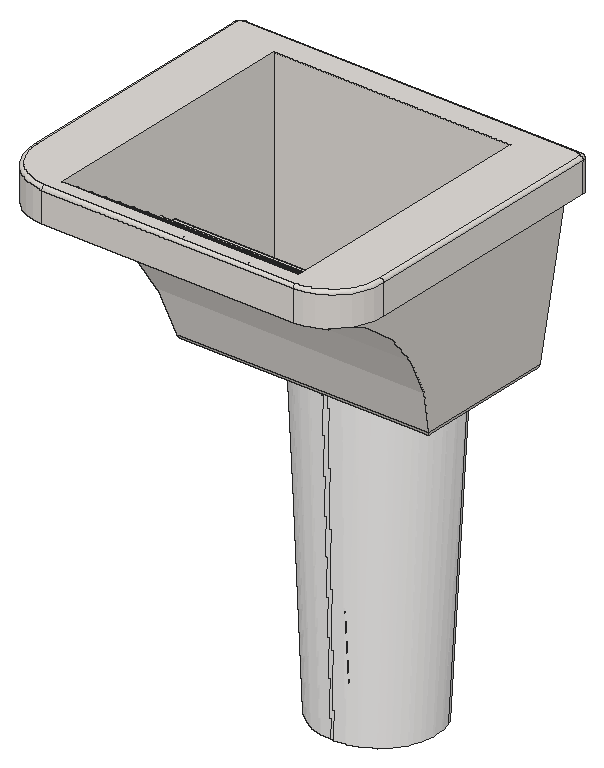
Revit family "OK-Celite_Tanque 31 Litros Médio_51265", category Plumbing Fixtures, Revit 2014
Parameters (values of type "Pergamon - 51265")
  Ângulo [instance] = if(Saida de esgoto na parede, 90.00°, 0.00°)  # 90.00°
  WFU = 2
  Type Comments = ""
  Saida de esgoto na parede [instance] = yes
  Raio Ponto de Esgoto = 20 mm
  Place on face [instance] = 1 = 0  # no
  Outros Complementos [instance] = "Sifão para tanque 1.1⁄4”x 1.1⁄2” e tubo de 200 mm (B5005C5CRB) + Válvula de escoamento para lavatório, 1\" sem ladrão com tampa plástica (B5828C5CR3), linha Complementos - Metais Celite"
  Louças [instance] = Celite - Louça_Pergamon
  Desnível Aux. Ponto de Esgoto [instance] = 50 mm
  HWFU = 0
  Diâmetro Ponto de Esgoto = Raio Ponto de Esgoto * 2  # 40 mm
  Distância Parede [instance] = 0 mm
  Tipo de Sifão [instance] = Celite_Complementos_Sifão de Uso Geral : Sifão para lavatório - B5816C5CRB
  Complemento Celite [instance] = yes
  URL = "http://www.celite.com.br"
  Selo de Qualidade ofcdesk = "Standard"  # constant formula
  Model = Celite: Código  # "51265"
  Metais [instance] = Celite - Cromado
  Manufacturer = Celite: Fabricante  # "Celite"
  Elevação somente no plano [instance] = 515 mm
  Description = Celite: Descrição  # "Tanque médio para capacidade de 31 litros, cor pergamon 51265), com coluna, linha Tanques - Louças Celite"
  Default Elevation = 0 mm
  Desenvolvido por = "ofcdesk"  # constant formula
  Com Válvula (quantificável) [instance] = yes
  Com Sifão (quantificável) [instance] = Saida de esgoto na parede  # yes
  Celite: Versão = "Autodesk Revit MEP 2014"  # constant formula
  Celite: Vazão de Esgoto [instance] = 0.0 L/s
  Celite: Tipo = "Tanques"  # constant formula
  Celite: Produto = "Louças"  # constant formula
  Celite: Norma = "ABNT NBR 15097-1: 2011 - Requisitos e métodos de ensaio"
  Celite: Link do Produto = "http://www.celite.com.br/pt/produtos/categoria/1/tipo/2/"
  Celite: Linha = "Tanques"  # constant formula
  Celite: Informações Técnicas [instance] = "N/A"
  Celite: Informações Gerais [instance] = "N/A"
  Celite: Fabricante = "Celite"  # constant formula
  Celite: Desenho Técnico = "http://www.celite.com.br/media/uploads/desenhos_tecnicos/51265_-_TANQUE_M_31_L_-_CATALOGO.pdf"
  Celite: Descrição = "Tanque médio para capacidade de 31 litros, cor pergamon 51265), com coluna, linha Tanques - Louças Celite"
  Celite: Código = "51265"
  Celite: Cores Disponíveis = "Pergamon"
  Celite: Copyright © = "© 2014 Celite"  # constant formula
  Celite: Complementos [instance] = if(Complemento Celite, Outros Complementos, "N/A")  # "Sifão para tanque 1.1⁄4”x 1.1⁄2” e tubo de 200 mm (B5005C5CRB) + Válvula de escoamento para lavatório, 1\" sem ladrão com tampa plástica (B5828C5CR3), linha Complementos - Metais Celite"
  Celite: Categoria = "Tanques"  # constant formula
  Celite: Altura da Peça [instance] = Elevação somente no plano  # 515 mm
  Celite: Altura Ponto de Esgoto [instance] = Altura Ponto de Esgoto  # 450 mm
  CWFU = 0
  Assembly Code = "D2010400"
  Desnível Ponto de Esgoto [instance] = if(not(Place on face), Elevação somente no plano - Altura Ponto de Esgoto, Desnível Aux. Ponto de Esgoto)  # 65 mm
  Altura Ponto de Esgoto [instance] = 450 mm
  Ajuste do Conector [instance] = if(Ângulo = 0.00°, Celite: Altura Ponto de Esgoto, Distância Parede + Distância Parede + 90 mm)  # 90 mm
Types (3, lengths in mm): name | Louças | Description | Celite: Descrição | Celite: Cores Disponíveis
  (no name) | Celite - Louça_Pergamon | "Tanque médio para capacidade de 31 litros, cor pergamon 51265), com coluna, linha Tanques - Louças Celite" | "Tanque médio para capacidade de 31 litros, cor pergamon 51265), com coluna, linha Tanques - Louças Celite" | "Pergamon"
  Branco - 51265 | Celite - Louça_Branca | "Tanque médio para capacidade de 31 litros, cor branca 51265), com coluna, linha Tanques - Louças Celite" | "Tanque médio para capacidade de 31 litros, cor branca 51265), com coluna, linha Tanques - Louças Celite" | "Branco"
  Pergamon - 51265 | Celite - Louça_Pergamon | "Tanque médio para capacidade de 31 litros, cor pergamon 51265), com coluna, linha Tanques - Louças Celite" | "Tanque médio para capacidade de 31 litros, cor pergamon 51265), com coluna, linha Tanques - Louças Celite" | "Pergamon"
Reference planes
  plane 1 "Center (Front/Back)": y = 0
  plane 2: z = 0
  plane 3 "Center (Left/Right)": x = 0
  plane 4: z = 515
  plane 5: y = 0
  plane 6: z = 450
  plane 7: y = -104
  plane 8: y = 0
  plane 9: z = 472.424
  plane 10: z = 464.131
  plane 11: z = 534.631
  plane 12: y = -489
  plane 13: y = -30
Forms (mm)
  Sweep 1, void
    path in 3D
      loop
        line (0, -104, 450) -> (0, -14, 450)
    profile origin (0, -59, 450) x (0, 0, 1) y (1, 0, 0)
      loop
        circle (0, 0) r 20
Lines and regions (mm)
  model lines, not visible
    curve 1: line (0, -104, 450) -> (0, -14, 450)
  sketch lines
    curve 2: line (0, -104, 450) -> (0, -14, 450)
Dimensions and locks
  "Elevação somente no plano": plane 4 to plane 2
  "Distância Parede": plane 1 "Center (Front/Back)" to plane 5
  "Desnível Ponto de Esgoto": plane 4 to plane 6
  plane 11 to plane 4 to plane 9 to plane 10 = 19.631 mm locked, 42.576 mm locked, 8.293 mm locked
  "Ajuste do Conector": curve 1 to curve 1
  plane 8 to plane 13 to plane 7 to plane 12 = 30 mm locked, 74 mm locked, 385 mm locked
  "Distância Parede": plane 5 to plane 8
  "Ângulo": angle curve 1 to plane 7
  aligned and locked: level to plane 2
  aligned and locked: nested 2 to plane 7
  aligned and locked: plane 1 "Center (Front/Back)" to nested 2
  aligned and locked: plane 6 to nested 2
  aligned and locked: plane 9 to nested 2
  aligned and locked: plane 6 to curve 1
  aligned and locked: plane 7 to curve 1
  aligned and locked: plane 7 to nested 1
  aligned and locked: nested 3 to plane 8
  aligned and locked: nested 3 to plane 3 "Center (Left/Right)"
  aligned and locked: plane 4 to nested 4
  aligned and locked: nested 4 to plane 13
Automatic sketch dimensions
  profile plane to Sweep 1 sketch curve = 0 mm
  Sweep 1 sketch curve to profile plane = 0 mm
  radius of Sweep 1 sketch curve = 20 mm
Nested families
  nested 1: "Celite_Complementos_Válvula de Escoamento" at (0, -104, 534.631), Metais <- "Metais", visible <- "Com Válvula (quantificável)", type "Válvula de escoamento para lavatório - B5828C5CR3"
    with Raio2 30 mm, Raio1 16 mm, Raio furo 15 mm, Metais Celite - Cromado, L/Rosca 58.419 mm, Comprimento 70.5 mm, Celite: Norma "ABNT NBR 15423:2006 - Requisitos e métodos de ensaio"
  nested 2: "Celite_Complementos_Sifão de Uso Geral" at (0, 0, 450), visible <- "Com Sifão (quantificável)", Metais <- "Metais", Celite: Vazão de Projeto <- "Celite: Vazão de Esgoto", type "Sifão para tanque - B5005C5CRB"
    with Raio1 16 mm, Metais Celite - Cromado, Elevação 0 mm, Celite: Vazão de Projeto 0.0 L/s, Celite: Informações Técnicas "N/A", Celite: Informações Gerais "N/A", Celite: Altura da Peça 0 mm, Ajuste Vetical no Lavatório 22.424 mm, Afastamento da Parede 104 mm
  nested 3: "51260" at (0, 0, 515) x (0, -1, 0) z (0, 0, 1), Louça <- "Louças", type "51266"
    with Louça Celite - Louça_Pergamon
  nested 4: "Celite_Coluna para Tanque_51203" at (0, -30, 0), Louças <- "Louças", type "Branco - 51203"
    with Louças Celite - Louça_Pergamon, Celite: Informações Técnicas "N/A", Celite: Informações Gerais "N/A", Celite: Complementos "N/A", Altura 515 mm
Connectors
  piping at (0, -14, 450), diameter 40, driven by "Raio Ponto de Esgoto", driven by "Celite: Vazão de Esgoto", driven by "WFU"
    settings: on Sweep 1, index 1, connector inside diameter 609.6 mm, connector length 0 mm, flow factor 0, pipe flow 0.0 L/s, pressure drop 0.0 kPa, fitting loss kfactor 0, connector angle 0.00°, fixture units 2, engagement length 0 mm, angle of deflection 0.00°, flow configuration 3, flow direction 2, fitting loss method 0, system type 16, joint type 0, gender type 0, connector reference index -1, connector utility 0, adjustable connector no, is connector primary yes, connector description ""
Definition of nested family "Celite_Complementos_Válvula de Escoamento"
  Parameters (values of type "Válvula de escoamento para lavatório - B5828C5CR3")
    Waste Connection = 1 = 0  # no
    WFU = 0  # constant formula
    Vent Connection = 1 = 0  # no
    URL = "http://www.celite.com.br"
    Selo de Qualidade ofcdesk = "Standard"  # constant formula
    Raio1 [instance] = 16 mm
    Raio2 [instance] = 30 mm
    Raio furo [instance] = 15 mm
    Model = Celite: Código  # "B5828C5CR3"
    Metais [instance] = Celite - Cromado
    Manufacturer = Celite: Fabricante  # "Celite"
    L/Rosca [instance] = 59.5 mm
    HWFU = 0  # constant formula
    HW Connection = 1 = 0  # no
    Desenvolvido por = "ofcdesk"  # constant formula
    Description = Celite: Descrição  # "Válvula de escoamento para lavatório, 1\" sem ladrão com tampa plástica (B5828C5CR3), Complementos - Metais Celite"
    Default Elevation = 0 mm
    Comprimento [instance] = 70.5 mm
    Celite: Versão = "Autodesk Revit MEP 2014"  # constant formula
    Celite: Tipo = "Válvulas de escoamento"  # constant formula
    Celite: Produto = "Metais"  # constant formula
    Celite: Norma [instance] = "ABNT NBR 15423:2006 - Requisitos e métodos de ensaio"
    Celite: Link do Produto = "http://www.celite.com.br/pt/produtos/categoria/2/tipo/10/subtipo/19/"
    Celite: Linha = "Válvulas"  # constant formula
    Celite: Informações Técnicas = "N/A"
    Celite: Informações Gerais = "N/A"
    Celite: Fabricante = "Celite"  # constant formula
    Celite: Desenho Técnico = "http://www.celite.com.br/media/uploads/desenhos_tecnicos/A5828C5CR3_Valvula_de_escoamento_Lavatorio.pdf"
    Celite: Descrição = "Válvula de escoamento para lavatório, 1\" sem ladrão com tampa plástica (B5828C5CR3), Complementos - Metais Celite"
    Celite: Código = "B5828C5CR3"
    Celite: Cores Disponíveis = "Cromado"
    Celite: Copyright © = "© 2014 Celite"  # constant formula
    Celite: Categoria = "Complementos"  # constant formula
    CW Connection = 1 = 0  # no
    Assembly Code = "D2010"
  Types (5, lengths in mm): name | Raio1 | Raio2 | Raio furo | Model | L/Rosca | Description | Comprimento | Celite: Desenho Técnico | Celite: Descrição | Celite: Código
    (no name) | 16 | 30 | 15 | "B5828C5CR3" | 59.5 | "Válvula de escoamento para lavatório, 1\" sem ladrão com tampa plástica (B5828C5CR3), Complementos - Metais Celite" | 70.5 | "http://www.celite.com.br/media/uploads/desenhos_tecnicos/A5828C5CR3_Valvula_de_escoamento_Lavatorio.pdf" | "Válvula de escoamento para lavatório, 1\" sem ladrão com tampa plástica (B5828C5CR3), Complementos - Metais Celite" | "B5828C5CR3"
    Válvula de escoamento para lavatório - B5828C5CR3 | 16 | 30 | 15 | "B5828C5CR3" | 59.5 | "Válvula de escoamento para lavatório, 1\" sem ladrão com tampa plástica (B5828C5CR3), Complementos - Metais Celite" | 70.5 | "http://www.celite.com.br/media/uploads/desenhos_tecnicos/A5828C5CR3_Valvula_de_escoamento_Lavatorio.pdf" | "Válvula de escoamento para lavatório, 1\" sem ladrão com tampa plástica (B5828C5CR3), Complementos - Metais Celite" | "B5828C5CR3"
    Válvula de escoamento para tanque - B5829C5CR3 | 20 | 32.8 | 18 | "B5829C5CR3" | 57 | "Válvula de escoamento para tanque (B5829C5CR3), Complementos - Metais Celite" | 65.5 | "http://www.celite.com.br/media/uploads/desenhos_tecnicos/A5829C5CR3_Valvula_de_escoamento_Tanque.pdf" | "Válvula de escoamento para tanque (B5829C5CR3), Complementos - Metais Celite" | "B5829C5CR3"
    Válvula de escoamento para cozinha - B5830C5CRB | 25 | 44 | 25 | "B5830C5CRB" | 35 | "Válvula de escoamento para cozinha, 3.1/2\" x 1.1/2\" com cesta metal (B5830C5CRB), Complementos - Metais Celite" | 45 | "http://www.celite.com.br/media/uploads/desenhos_tecnicos/A5830C5CRB_Valvula_de_escoamento_Cozinha_3-1.2.pdf" | "Válvula de escoamento para cozinha, 3.1/2\" x 1.1/2\" com cesta metal (B5830C5CRB), Complementos - Metais Celite" | "B5830C5CRB"
    Válvula de escoamento para cozinha - B5831C5CRB | 25 | 56.5 | 30 | "B5831C5CRB" | 35 | "Válvula de escoamento para cozinha, 4.1/2\" x 1.1/2\" com cesta metal (B5831C5CRB), Complementos - Metais Celite" | 49 | "http://www.celite.com.br/media/uploads/desenhos_tecnicos/A5831C5CRB_Valvula_de_escoamento_Cozinha_4-1.2.pdf" | "Válvula de escoamento para cozinha, 4.1/2\" x 1.1/2\" com cesta metal (B5831C5CRB), Complementos - Metais Celite" | "B5831C5CRB"
  Reference planes
    plane 1 "Center (Front/Back)": y = 0
    plane 2: z = 0
    plane 3 "Center (Left/Right)": x = 0
    plane 4: z = -70.5
    plane 5: z = -11
  Forms (mm)
    Extrusion 1, solid
      sketch origin (0, 0, 0) x (1, 0, 0) y (0, 1, 0)
        loop
          line (-400, 400) -> (-400, -400.224) -> (399.59, -400.224) -> (399.59, 400) -> (-400, 400)
      from 0 to -304.8
    Revolve 2, solid, material "Celite - Cromado" <- "Metais"
      sketch origin (0, 0, 0) x (1, 0, 0) y (0, 0, 1)
        loop
          line (0, -8.185) -> (-15, -8.185) -> (-15, 1) -> (-30, 1) -> (-30, 0) -> (-16, -11) -> (-16, -70.5) -> (0, -70.5) -> (0, -8.185)
        axis (0, 1) -> (0, -70.5)
      angle from 0 to 360
  Dimensions and locks
    "Comprimento": level to plane 4
    "L/Rosca": plane 5 to plane 4
    "Raio1": plane 3 "Center (Left/Right)" to Revolve 2 sketch curve
    "Raio2": plane 3 "Center (Left/Right)" to Revolve 2 sketch curve
    locked: plane 2 to Revolve 2 sketch curve at 8.185
    "Raio furo": plane 3 "Center (Left/Right)" to Revolve 2 sketch curve
    aligned and locked: plane 2 to Extrusion 1
    aligned and locked: level to Extrusion 1
    aligned and locked: Revolve 2 sketch curve to plane 3 "Center (Left/Right)"  (x2)
    aligned and locked: plane 5 to Revolve 2 sketch curve
    aligned and locked: plane 4 to Revolve 2 sketch curve
    aligned and locked: level to Revolve 2 sketch curve
  Automatic sketch dimensions
    Extrusion 1 sketch curve to Extrusion 1 sketch curve = 799.59 mm
    Extrusion 1 sketch curve to Extrusion 1 sketch curve = 800.224 mm
    Revolve 2 sketch curve to Revolve 2 sketch curve = 1 mm
    level to Revolve 2 sketch curve = 25 mm
    Revolve 2 sketch curve to Revolve 2 sketch curve = 60 mm
Definition of nested family "Celite_Complementos_Sifão de Uso Geral"
  Parameters (values of type "Sifão para cozinha - B5817C5CRB")
    WFU = 2
    URL = "http://www.celite.com.br"
    Selo de Qualidade ofcdesk = "Standard"  # constant formula
    Raio1 [instance] = 16 mm
    Raio Ponto de Esgoto = 20 mm
    Model = Celite: Código  # "B5817C5CRB"
    Metais [instance] = Celite - Cromado
    Manufacturer = Celite: Fabricante  # "Celite"
    Elevação [instance] = 680 mm
    Diâmetro Ponto de Esgoto = Raio Ponto de Esgoto * 2  # 40 mm
    Desenvolvido por = "ofcdesk"  # constant formula
    Description = Celite: Descrição  # "Sifão para cozinha 1.1⁄2”x 1.1⁄2” com tubo de 300 mm (B5817C5CRB), linha Complementos - Metais Celite"
    Default Elevation = 0 mm
    Celite: Versão = "Autodesk Revit MEP 2014"  # constant formula
    Celite: Vazão de Projeto [instance] = 0.0 L/s
    Celite: Tipo = "Sifões"  # constant formula
    Celite: Produto = "Metais"  # constant formula
    Celite: Norma = "ABNT NBR 14162:2011 - Requisitos e métodos de ensaio"
    Celite: Link do Produto = "http://www.celite.com.br/pt/produtos/categoria/2/tipo/10/subtipo/9/"
    Celite: Linha = "Complementos"  # constant formula
    Celite: Informações Técnicas [instance] = "N/A"
    Celite: Informações Gerais [instance] = "N/A"
    Celite: Fabricante = "Celite"  # constant formula
    Celite: Desenho Técnico = "http://www.celite.com.br/media/uploads/desenhos_tecnicos/A5817C5CRB.gif"
    Celite: Descrição = "Sifão para cozinha 1.1⁄2”x 1.1⁄2” com tubo de 300 mm (B5817C5CRB), linha Complementos - Metais Celite"
    Celite: Código = "B5817C5CRB"
    Celite: Cores Disponíveis = "Cromado"
    Celite: Copyright © = "© 2014 Celite"  # constant formula
    Celite: Categoria = "Cozinhas e Lavatórios"  # constant formula
    Celite: Altura da Peça [instance] = Elevação  # 680 mm
    Assembly Code = "D2010"
    Ajuste Vetical no Lavatório [instance] = 100 mm
    Afastamento da Parede [instance] = 300 mm
  Types (6, lengths in mm): name | Raio Ponto de Esgoto | Model | Diâmetro Ponto de Esgoto | Description | Celite: Desenho Técnico | Celite: Descrição | Celite: Código
    (no name) | 20 | "B5817C5CRB" | 40 | "Sifão para cozinha 1.1⁄2”x 1.1⁄2” com tubo de 300 mm (B5817C5CRB), linha Complementos - Metais Celite" | "http://www.celite.com.br/media/uploads/desenhos_tecnicos/A5817C5CRB.gif" | "Sifão para cozinha 1.1⁄2”x 1.1⁄2” com tubo de 300 mm (B5817C5CRB), linha Complementos - Metais Celite" | "B5817C5CRB"
    Sifão para lavatório - B5816C5CRB | 20 | "B5816C5CRB" | 40 | "Sifão para lavatório 1\"x1.1⁄2\" com tubo de 300 mm (B5816C5CRB), linha Complementos - Metais Celite" | "http://www.celite.com.br/media/uploads/desenhos_tecnicos/A5816C5CRB.gif" | "Sifão para lavatório 1\"x1.1⁄2\" com tubo de 300 mm (B5816C5CRB), linha Complementos - Metais Celite" | "B5816C5CRB"
    Sifão para tanque com adaptador para 2" - B5005C5CRB | 30 | "B5005C5CRB" | 60 | "Sifão para tanque 1.1⁄4”x 1.1⁄2” com adaptador para 2” e tubo de 200 mm (B5005C5CRB), linha Complementos - Metais Celite" | "http://www.celite.com.br/media/uploads/desenhos_tecnicos/A5005C5CRB.gif" | "Sifão para tanque 1.1⁄4”x 1.1⁄2” com adaptador para 2” e tubo de 200 mm (B5005C5CRB), linha Complementos - Metais Celite" | "B5005C5CRB"
    Sifão para tanque - B5005C5CRB | 20 | "B5005C5CRB" | 40 | "Sifão para tanque 1.1⁄4”x 1.1⁄2” e tubo de 200 mm (B5005C5CRB), linha Complementos - Metais Celite" | "http://www.celite.com.br/media/uploads/desenhos_tecnicos/A5005C5CRB.gif" | "Sifão para tanque 1.1⁄4”x 1.1⁄2” e tubo de 200 mm (B5005C5CRB), linha Complementos - Metais Celite" | "B5005C5CRB"
    Sifão para cozinha com adaptador para 2" - B5817C5CRB | 30 | "B5817C5CRB" | 60 | "Sifão para cozinha 1.1⁄2”x 1.1⁄2” com adaptador para 2” e tubo de 300 mm (B5817C5CRB), linha Complementos - Metais Celite" | "http://www.celite.com.br/media/uploads/desenhos_tecnicos/A5817C5CRB.gif" | "Sifão para cozinha 1.1⁄2”x 1.1⁄2” com adaptador para 2” e tubo de 300 mm (B5817C5CRB), linha Complementos - Metais Celite" | "B5817C5CRB"
    Sifão para cozinha - B5817C5CRB | 20 | "B5817C5CRB" | 40 | "Sifão para cozinha 1.1⁄2”x 1.1⁄2” com tubo de 300 mm (B5817C5CRB), linha Complementos - Metais Celite" | "http://www.celite.com.br/media/uploads/desenhos_tecnicos/A5817C5CRB.gif" | "Sifão para cozinha 1.1⁄2”x 1.1⁄2” com tubo de 300 mm (B5817C5CRB), linha Complementos - Metais Celite" | "B5817C5CRB"
  Reference planes
    plane 1 "Center (Front/Back)": y = 0
    plane 2: z = 0
    plane 3 "Center (Left/Right)": x = 0
    plane 4: y = -300
    plane 5: z = 780
    plane 6: z = 680
  Forms (mm)
    Sweep 1, solid, material "Celite - Cromado" <- "Metais"
      path origin (0, 1442.421, 680) x (0, 1, 0) y (-1, 0, 0)
        loop
          line (-1442.421, 0) -> (-1697.421, 0)
      profile origin (0, -127.5, 680) x (1, 0, 0) y (0, 0, 1)
        loop
          circle (0, 0) r 19.05
        loop
          circle (0, 0) r 16
    Revolve 2, solid, material "Celite - Cromado" <- "Metais"
      sketch origin (0, 0, 0) x (0, 1, 0) y (0, 0, 1)
        loop
          line (-255, 680) -> (-255, 701.589)
          arc (-255, 701.589) -> (-256.067, 704.702) -> (-258.821, 706.505) r 5.073
          arc (-258.821, 706.505) -> (-261.574, 706.108) -> (-263.24, 703.88) r 3.635
          line (-263.24, 703.88) -> (-265.857, 703.88) -> (-265.857, 680) -> (-255, 680)
        axis (-265.857, 680) -> (-255, 680)
      angle from 0 to 360
    SweptBlend 3, solid, material "Celite - Cromado" <- "Metais"
      path origin (0, 0, 0) x (0, 1, 0) y (0, 0, 1)
        loop
          line (-265.857, 680) -> (-300, 680)
      profile origin (0, -265.857, 680) x (0, 0, -1) y (1, 0, 0)
        loop
          circle (0, 0) r 22.486
      end profile origin (0, -300, 680) x (0, 0, -1) y (1, 0, 0)
        loop
          circle (0, 0) r 21.589
    Revolve 4, solid, material "Celite - Cromado" <- "Metais"
      sketch origin (0, 0, 0) x (0, 1, 0) y (0, 0, 1)
        loop
          line (-300, 704.157) -> (-274.606, 704.157) -> (-274.606, 707.127)
          arc (-274.606, 707.127) -> (-274.901, 707.84) -> (-275.614, 708.135) r 1.008
          line (-275.614, 708.135) -> (-282.5, 708.135) -> (-283.521, 709.156) -> (-300, 709.156) -> (-300, 704.157)
        axis (-300, 709.156) -> (-300, 704.157)
      angle from 0 to 360
    Sweep 5, solid, material "Celite - Cromado" <- "Metais"
      path origin (0, 0, 0) x (0, 1, 0) y (0, 0, 1)
        loop
          line (-300, 709.156) -> (-300, 715.122)
      profile origin (0, -300, 712.139) x (0, -1, 0) y (1, 0, 0)
        loop
          circle (0, 0) r 16.479
    Sweep 6, solid, material "Celite - Cromado" <- "Metais"
      path origin (0, 0, 0) x (0, 1, 0) y (0, 0, 1)
        loop
          line (-300, 715.122) -> (-300, 769.613)
      profile origin (0, -300, 742.368) x (0, -1, 0) y (1, 0, 0)
        loop
          circle (0, 0) r 13
    Revolve 7, solid, material "Celite - Cromado" <- "Metais"
      sketch origin (0, 0, 0) x (0, 1, 0) y (0, 0, 1)
        loop
          line (0, 699.07) -> (0, 714.571)
          arc (0, 714.571) -> (-7.459, 714.035) -> (-14.888, 713.172) r 170.27
          arc (-14.888, 713.172) -> (-16.254, 712.452) -> (-16.959, 711.077) r 2.565
          line (-16.959, 711.077) -> (-16.959, 699.07) -> (0, 699.07)
        axis (-16.959, 680) -> (0, 680)
      angle from 0 to 360
    Sweep 8, void
      path origin (0, 1442.421, 680) x (0, 1, 0) y (-1, 0, 0)
        loop
          line (-1440.976, 0) -> (-1456.552, 0)
      profile origin (0, -6.343, 680) x (1, 0, 0) y (0, 0, 1)
        loop
          circle (0, 0) r 30
    Revolve 9, solid, material "Celite - Cromado" <- "Metais"
      sketch origin (0, 0, 0) x (0, 1, 0) y (0, 0, 1)
        loop
          line (-300, 771.707) -> (-300, 769.613) -> (-281.111, 769.613) -> (-281.111, 780) -> (-284, 780) -> (-284, 771.707) -> (-300, 771.707)
        axis (-300, 780) -> (-300, 769.613)
      angle from 0 to 360
    Revolve 10, solid, material "Celite - Cromado" <- "Metais"
      sketch origin (0, 0, 0) x (0, 1, 0) y (0, 0, 1)
        loop
          line (-300, 704.157) -> (-325.394, 704.157) -> (-334.85, 649.952)
          arc (-334.85, 649.952) -> (-333.712, 646.324) -> (-330.244, 644.765) r 4.638
          line (-330.244, 644.765) -> (-328.223, 644.765) -> (-328.223, 621.563)
          arc (-328.223, 621.563) -> (-326.054, 616.326) -> (-320.818, 614.157) r 7.405
          line (-320.818, 614.157) -> (-300, 614.157) -> (-300, 704.157)
        axis (-300, 704.157) -> (-300, 614.157)
      angle from 0 to 360
  Cuts and joins
    Sweep 8 cuts Sweep 1
    joined: Sweep 1, Revolve 2, SweptBlend 3, Revolve 4, Sweep 5, Sweep 6, Revolve 9, Revolve 10
    Sweep 8 cuts Revolve 7
  Dimensions and locks
    "Ajuste Vetical no Lavatório": plane 5 to plane 6
    "Elevação": plane 6 to level
    locked: Sweep 1 sketch curve to plane 4 at 45
    Sweep 8 sketch curve to Sweep 8 sketch curve = 15.576 mm
    Revolve 7 sketch curve to Revolve 7 sketch curve to Revolve 7 sketch curve = 14.888 mm locked, 2.071 mm locked
    locked: Revolve 9 sketch curve to Revolve 9 sketch curve at 2.889
    "Raio1": Revolve 9 sketch curve to plane 4
    plane 5 to Revolve 9 sketch curve to Revolve 9 sketch curve = 8.293 mm locked, 2.093 mm locked
    Revolve 7 sketch curve to Revolve 7 sketch curve to Revolve 7 sketch curve to Revolve 7 sketch curve to plane 6 = 1.399 mm locked, 2.095 mm locked, 12.007 mm locked, 19.07 mm locked
    "Afastamento da Parede": plane 1 "Center (Front/Back)" to plane 4
    radius of Sweep 1 sketch curve = 16 mm
    radius of Revolve 7 sketch curve = 2.565 mm
    aligned and locked: level to plane 2
    aligned and locked: plane 6 to Revolve 2 sketch curve
    aligned and locked: Revolve 2 sketch curve to plane 6
    aligned and locked: SweptBlend 3 sketch curve to plane 6
    aligned and locked: Revolve 4 sketch curve to plane 4
    aligned and locked: Sweep 5 sketch curve to plane 4
    aligned and locked: Revolve 4 to Sweep 5 sketch curve
    aligned and locked: Sweep 5 sketch curve to Revolve 4  (x2)
    aligned and locked: Sweep 5 to Sweep 6 sketch curve
    aligned and locked: Sweep 6 sketch curve to plane 4
    aligned and locked: Revolve 9 sketch curve to plane 4
    aligned and locked: plane 4 to Revolve 9 sketch curve
    aligned and locked: plane 4 to Revolve 10 sketch curve
    aligned and locked: Revolve 10 sketch curve to plane 4
    aligned and locked: plane 4 to SweptBlend 3 sketch curve
    aligned and locked: cut or joined group of Sweep 1, Revolve 2, SweptBlend 3, Revolve 4, Sweep 5, Sweep 6, Sweep 8, Revolve 9, Revolve 10 to SweptBlend 3 sketch curve
    aligned and locked: plane 6 to Sweep 8 sketch curve
    aligned and locked: plane 3 "Center (Left/Right)" to Sweep 8 sketch curve
  Automatic sketch dimensions
    Sweep 1 sketch curve to plane 3 "Center (Left/Right)" = 0 mm
    Revolve 4 sketch curve to plane 4 = 0 mm
    plane 4 to Revolve 4 sketch curve = 16.479 mm
    Revolve 4 sketch curve to Revolve 4 sketch curve = 1.021 mm  (x2)
    Revolve 4 sketch curve to Revolve 4 sketch curve = 6.886 mm
    Revolve 4 sketch curve to Revolve 4 sketch curve = 1.008 mm
    plane 6 to Revolve 4 sketch curve = 22.296 mm
    Revolve 4 sketch curve to Revolve 4 sketch curve = 1.862 mm
    Revolve 4 sketch curve to Revolve 4 sketch curve = 0 mm
    Revolve 4 sketch curve to Revolve 4 sketch curve = 2.97 mm
    Sweep 6 sketch curve to plane 3 "Center (Left/Right)" = 0 mm
    Sweep 6 sketch curve to profile plane = 0 mm
    SweptBlend 3 sketch curve to plane 3 "Center (Left/Right)" = 0 mm  (x2)
    SweptBlend 3 sketch curve to profile plane = 0 mm  (x2)
    Sweep 1 sketch curve to Sweep 1 sketch curve = 0 mm  (x2)
    Sweep 1 sketch curve to plane 6 = 0 mm
    profile plane to Sweep 1 sketch curve = 0 mm
    Sweep 6 sketch curve to plane 5 = 10.387 mm
    Revolve 7 sketch curve to plane 1 "Center (Front/Back)" = 0 mm  (x2)
    Revolve 7 sketch curve to plane 6 = 0 mm
    Revolve 7 sketch curve to plane 1 "Center (Front/Back)" = 5 mm
    Sweep 5 sketch curve to Sweep 5 sketch curve = 5.967 mm
    Revolve 10 sketch curve to Revolve 10 sketch curve = 20.818 mm
    Revolve 10 sketch curve to Revolve 10 sketch curve = 25.394 mm
    Revolve 10 sketch curve to Revolve 10 sketch curve = 7.405 mm
    Revolve 10 sketch curve to Revolve 10 sketch curve = 2.021 mm
    Revolve 10 sketch curve to Revolve 10 sketch curve = 4.606 mm
    Revolve 10 sketch curve to plane 6 = 95.843 mm
    Revolve 10 sketch curve to Revolve 10 sketch curve = 20 mm
    Revolve 10 sketch curve to Revolve 10 sketch curve = 10 mm
    Revolve 10 sketch curve to Revolve 10 sketch curve = 23.202 mm
    Revolve 10 sketch curve to Revolve 10 sketch curve = 4.638 mm
    plane 6 to Revolve 10 sketch curve = 24.157 mm
    SweptBlend 3 sketch curve to SweptBlend 3 sketch curve = 0 mm  (x2)
    SweptBlend 3 sketch curve to SweptBlend 3 sketch curve = 22.486 mm
    plane 4 to Revolve 2 sketch curve = 34.143 mm
    Revolve 2 sketch curve to Revolve 2 sketch curve = 2.616 mm
    Revolve 2 sketch curve to Revolve 2 sketch curve = 3.167 mm
    Revolve 2 sketch curve to Revolve 2 sketch curve = 0.355 mm
    Revolve 2 sketch curve to Revolve 2 sketch curve = 0.897 mm
    Revolve 2 sketch curve to Revolve 2 sketch curve = 0 mm  (x2)
    Revolve 2 sketch curve to Revolve 2 sketch curve = 4.718 mm
    Revolve 2 sketch curve to Revolve 2 sketch curve = 5 mm
    plane 6 to Revolve 2 sketch curve = 21.589 mm
    Sweep 8 sketch curve to plane 3 "Center (Left/Right)" = 0 mm
    Revolve 7 sketch curve to plane 1 "Center (Front/Back)" = 8.47 mm
    plane 1 "Center (Front/Back)" to Sweep 1 sketch curve = 0 mm
    Revolve 9 sketch curve to plane 5 = 0 mm
    Revolve 9 sketch curve to plane 5 = 3.821 mm
    plane 5 to Revolve 9 sketch curve = 8.366 mm
    radius of Sweep 6 sketch curve = 13 mm
    radius of SweptBlend 3 sketch curve = 21.589 mm
    radius of Sweep 1 sketch curve = 19.05 mm
    radius of Sweep 8 sketch curve = 30 mm
  Connectors
    piping at (0, 0, 680), diameter 40, driven by "WFU", driven by "Raio Ponto de Esgoto", driven by "Celite: Vazão de Projeto"
      settings: on Sweep 1, index 1, connector inside diameter 40 mm, connector length 0 mm, flow factor 0, pipe flow 0.0 L/s, pressure drop 0.0 kPa, fitting loss kfactor 0, connector angle 0.00°, fixture units 2, engagement length 0 mm, angle of deflection 0.00°, flow configuration 3, flow direction 2, fitting loss method 0, system type 16, joint type 0, gender type 0, connector reference index -1, connector utility 0, adjustable connector no, is connector primary yes, connector description ""
Definition of nested family "51260"
  Parameters (values of type "51266")
    URL = "http://www.celite.com.br/pt/"
    Model = "51261"
    Manufacturer = "Celite ®"  # constant formula
    Louça [instance] = Celite - Louça_Branca
    Description = "Tanque Celite Tamanho G com Capacidade 38L"
  Reference planes
    plane 1 "Center (Front/Back)": y = 0
    plane 2: z = 0
    plane 3 "Center (Left/Right)": x = 0
    plane 4 "A": x = 485
    plane 5 "C": z = 0
    plane 6 "D": z = 330
    plane 7 "B b": y = 272.5
    plane 8 "B f": y = -272.5
    plane 9: x = 104
  Forms (mm)
    Extrusion 1, solid, material "Celite - Louça_Branca" <- "Louça"
      sketch origin (0, 0, 0) x (1, 0, 0) y (0, 0, 1)
        loop
          line (0, 330) -> (0, 10)
          arc (0, 10) -> (2.929, 2.929) -> (10, 0) r 10
          line (10, 0) -> (44.514, 0)
          arc (44.514, 0) -> (50.282, 1.831) -> (53.938, 6.654) r 10
          line (53.938, 6.654) -> (127.697, 214.362)
          arc (127.697, 214.362) -> (144.182, 237.129) -> (170.345, 247.404) r 50
          line (170.345, 247.404) -> (485, 278.718) -> (485, 330) -> (0, 330)
      from -272.5 to 272.5
    Extrusion 2, solid, material "Celite - Louça_Branca" <- "Louça"
      sketch origin (0, 0, 0) x (1, 0, 0) y (0, 0, 1)
        loop
          line (44.514, 0) -> (205.755, 0)
          arc (205.755, 0) -> (211.959, 2.154) -> (215.493, 7.69) r 10.01
          arc (215.493, 7.69) -> (300.894, 171.83) -> (453.655, 276.231) r 380.245
          line (453.655, 276.231) -> (170.345, 247.404)
          arc (170.345, 247.404) -> (144.182, 237.129) -> (127.697, 214.362) r 50
          line (127.697, 214.362) -> (53.938, 6.654)
          arc (53.938, 6.654) -> (50.282, 1.831) -> (44.514, 0) r 10
      from -245 to 245
    Extrusion 3, void
      sketch origin (0, 0, 0) x (0, 1, 0) y (0, 0, 1)
        loop
          line (-196.7, 8.44) -> (-239.31, 278.718) -> (-383.636, 278.718) -> (-383.636, -90.839) -> (-163.636, -90.839) -> (-163.636, 0) -> (-186.822, 0)
          arc (-186.822, 0) -> (-193.318, 2.397) -> (-196.7, 8.44) r 10
        loop
          arc (196.7, 8.44) -> (193.318, 2.397) -> (186.822, 0) r 10
          line (186.822, 0) -> (163.636, 0) -> (163.636, -90.839) -> (391.364, -90.839) -> (391.364, 278.718) -> (239.31, 278.718) -> (196.7, 8.44)
      from -100 to 600
    Extrusion 4, void
      sketch origin (0, 0, 0) x (1, 0, 0) y (0, 0, 1)
        loop
          line (40.22, 19.631) -> (184.545, 19.631) -> (232.127, 178.9)
          arc (232.127, 178.9) -> (233.925, 181.507) -> (236.929, 182.509) r 5
          line (236.929, 182.509) -> (250.046, 182.509)
          arc (250.046, 182.509) -> (252.503, 183.155) -> (254.326, 184.924) r 5
          line (254.326, 184.924) -> (261.17, 196.255)
          arc (261.17, 196.255) -> (262.768, 197.891) -> (264.927, 198.643) r 5
          line (264.927, 198.643) -> (279.236, 200.147)
          arc (279.236, 200.147) -> (281.613, 201.046) -> (283.241, 202.996) r 5
          line (283.241, 202.996) -> (288.72, 214.677)
          arc (288.72, 214.677) -> (290.348, 216.627) -> (292.724, 217.526) r 5
          line (292.724, 217.526) -> (306.7, 218.994)
          arc (306.7, 218.994) -> (309.076, 219.893) -> (310.704, 221.843) r 5
          line (310.704, 221.843) -> (316.184, 233.524)
          arc (316.184, 233.524) -> (317.812, 235.475) -> (320.188, 236.373) r 5
          line (320.188, 236.373) -> (334.164, 237.842)
          arc (334.164, 237.842) -> (336.54, 238.741) -> (338.168, 240.691) r 5
          line (338.168, 240.691) -> (343.647, 252.372)
          arc (343.647, 252.372) -> (345.275, 254.322) -> (347.651, 255.221) r 5
          line (347.651, 255.221) -> (361.627, 256.69)
          arc (361.627, 256.69) -> (364.003, 257.588) -> (365.631, 259.539) r 5
          line (365.631, 259.539) -> (371.111, 271.219)
          arc (371.111, 271.219) -> (372.739, 273.17) -> (375.115, 274.068) r 5
          line (375.115, 274.068) -> (389.091, 275.537)
          arc (389.091, 275.537) -> (391.467, 276.436) -> (393.095, 278.386) r 5
          line (393.095, 278.386) -> (398.574, 290.067)
          arc (398.574, 290.067) -> (400.202, 292.017) -> (402.579, 292.916) r 5
          line (402.579, 292.916) -> (416.554, 294.385)
          arc (416.554, 294.385) -> (418.93, 295.283) -> (420.558, 297.234) r 5
          line (420.558, 297.234) -> (426.038, 308.914)
          arc (426.038, 308.914) -> (427.666, 310.865) -> (430.042, 311.763) r 5
          line (430.042, 311.763) -> (444.018, 313.232)
          arc (444.018, 313.232) -> (446.394, 314.131) -> (448.022, 316.081) r 5
          line (448.022, 316.081) -> (495.484, 417.254) -> (40.22, 417.254) -> (40.22, 19.631)
      from -185 to 185
    Sweep 5, void
      path origin (0, 0, 330) x (0, -1, 0) y (1, 0, 0)
        loop
          arc (-272.5, 10) -> (-269.571, 2.929) -> (-262.5, 0) r 10
          line (-262.5, 0) -> (262.5, 0)
          arc (262.5, 0) -> (269.571, 2.929) -> (272.5, 10) r 10
          line (272.5, 10) -> (272.5, 399.097)
          arc (272.5, 399.097) -> (250.35, 454.355) -> (196.165, 479.013) r 80
          arc (196.165, 479.013) -> (0, 483.509) -> (-196.165, 479.013) r 4282.217
          arc (-196.165, 479.013) -> (-250.35, 454.355) -> (-272.5, 399.097) r 80
          line (-272.5, 399.097) -> (-272.5, 10)
      profile origin (0, 0, 330) x (1, 0, 0) y (0, 0, 1)
        loop
          line (-114.837, 128.083) -> (-114.837, -431.917) -> (0, -431.917) -> (0, -5)
          arc (0, -5) -> (1.464, -1.464) -> (5, 0) r 5
          line (5, 0) -> (7, 0) -> (7, 128.083) -> (-114.837, 128.083)
    Extrusion 6, void
      sketch origin (-45, 0, 0) x (0, -1, 0) y (1, 0, 0)
        loop
          circle (0, 149) r 25
      from -10 to 100
  Cuts and joins
    Extrusion 3, Extrusion 4, Sweep 5, Extrusion 6 cuts Extrusion 1
    Extrusion 3, Extrusion 4, Extrusion 6 cuts Extrusion 2
    joined: Extrusion 1, Extrusion 2
  Dimensions and locks
    equal spacing: plane 8 "B f", plane 1 "Center (Front/Back)", plane 7 "B b"
    plane 8 "B f" to plane 7 "B b" = 545 mm
    plane 3 "Center (Left/Right)" to plane 4 "A" = 485 mm
    level to plane 6 "D" = 330 mm
    locked: plane 5 "C" to plane 6 "D" at 330
    plane 6 "D" to Extrusion 1 sketch curve to Extrusion 1 sketch curve = 51.282 mm locked, 31.314 mm locked
    locked: plane 6 "D" to Extrusion 1 sketch curve at 115.638
    Extrusion 1 sketch curve to Extrusion 1 sketch curve to plane 3 "Center (Left/Right)" = 42.648 mm locked, 127.697 mm locked
    Extrusion 1 sketch curve to Extrusion 1 sketch curve to plane 5 "C" = 3.346 mm, 6.654 mm
    locked: Extrusion 1 sketch curve to plane 3 "Center (Left/Right)" at 10
    Extrusion 1 sketch curve to plane 3 "Center (Left/Right)" = 44.514 mm
    locked: Extrusion 1 sketch curve to plane 3 "Center (Left/Right)" at 53.938
    Extrusion 2 sketch curve to plane 3 "Center (Left/Right)" = 44.514 mm
    locked: plane 4 "A" to Extrusion 2 sketch curve at 279.245
    Extrusion 2 sketch curve to Extrusion 2 sketch curve to Extrusion 2 sketch curve to plane 3 "Center (Left/Right)" = 42.648 mm locked, 73.76 mm locked, 53.938 mm locked
    locked: plane 4 "A" to Extrusion 2 sketch curve at 31.345
    locked: Extrusion 2 sketch curve to plane 5 "C" at 6.654
    plane 6 "D" to Extrusion 2 sketch curve to Extrusion 2 sketch curve = 82.596 mm locked, 33.043 mm locked
    locked: plane 6 "D" to Extrusion 2 sketch curve at 53.769
    locked: plane 8 "B f" to Extrusion 2 at 27.5
    locked: Extrusion 2 to plane 7 "B b" at 27.5
    locked: Extrusion 4 sketch curve to plane 5 "C" at 19.631
    locked: Extrusion 4 sketch curve to plane 6 "D" at 87.254
    locked: Extrusion 4 sketch curve to plane 3 "Center (Left/Right)" at 40.22
    plane 6 "D" to Extrusion 4 sketch curve to Extrusion 4 sketch curve to Extrusion 4 sketch curve to Extrusion 4 sketch curve to Extrusion 4 sketch curve to Extrusion 4 sketch curve to Extrusion 4 sketch curve to Extrusion 4 sketch curve to Extrusion 4 sketch curve to Extrusion 4 sketch curve to Extrusion 4 sketch curve to Extrusion 4 sketch curve to Extrusion 4 sketch curve to Extrusion 4 sketch curve to Extrusion 4 sketch curve to Extrusion 4 sketch curve = 13.919 mm, 4.318 mm, 14.53 mm, 4.318 mm, 14.53 mm, 4.318 mm, 14.53 mm, 4.318 mm, 14.53 mm, 4.318 mm, 14.53 mm, 4.318 mm, 14.53 mm, 4.353 mm, 13.719 mm, 2.415 mm
    Extrusion 4 sketch curve to plane 4 "A" to Extrusion 4 sketch curve to Extrusion 4 sketch curve to Extrusion 4 sketch curve to Extrusion 4 sketch curve to Extrusion 4 sketch curve to Extrusion 4 sketch curve to Extrusion 4 sketch curve to Extrusion 4 sketch curve to Extrusion 4 sketch curve to Extrusion 4 sketch curve to Extrusion 4 sketch curve to Extrusion 4 sketch curve to Extrusion 4 sketch curve to Extrusion 4 sketch curve to Extrusion 4 sketch curve to Extrusion 4 sketch curve = 10.484 mm, 36.978 mm, 17.98 mm, 9.484 mm, 17.98 mm, 9.484 mm, 17.98 mm, 9.484 mm, 17.98 mm, 9.484 mm, 17.98 mm, 9.484 mm, 17.98 mm, 9.484 mm, 18.313 mm, 10.601 mm, 17.397 mm
    locked: plane 8 "B f" to Extrusion 4 at 87.5
    locked: Extrusion 4 to plane 7 "B b" at 87.5
    locked: plane 4 "A" to Extrusion 4 sketch curve at 300.455
    radius of Extrusion 1 sketch curve = 50 mm
    radius of Extrusion 1 sketch curve = 10 mm
    radius of Extrusion 2 sketch curve = 10 mm
    radius of Extrusion 2 sketch curve = 50 mm
    aligned and locked: plane 2 to level
    aligned and locked: plane 8 "B f" to Extrusion 1
    aligned and locked: plane 7 "B b" to Extrusion 1
    aligned and locked: Extrusion 1 sketch curve to plane 4 "A"
    aligned and locked: Extrusion 1 sketch curve to plane 6 "D"
    aligned and locked: Extrusion 1 sketch curve to plane 5 "C"
    aligned and locked: Extrusion 1 sketch curve to plane 3 "Center (Left/Right)"
    aligned and locked: Extrusion 3 sketch curve to plane 5 "C"
    aligned and locked: plane 5 "C" to Extrusion 3 sketch curve
    aligned and locked: Extrusion 1 to Sweep 5 sketch curve
    aligned and locked: plane 3 "Center (Left/Right)" to Sweep 5 sketch curve
    aligned and locked: Sweep 5 sketch curve to plane 8 "B f"
  Automatic sketch dimensions
    Sweep 5 sketch curve to plane 7 "B b" = 10 mm
    plane 3 "Center (Left/Right)" to Sweep 5 sketch curve = 10 mm
    Sweep 5 sketch curve to plane 1 "Center (Front/Back)" = 0 mm
    Sweep 5 sketch curve to plane 4 "A" = 5.987 mm  (x2)
    Sweep 5 sketch curve to plane 7 "B b" = 76.335 mm
    Sweep 5 sketch curve to Sweep 5 sketch curve = 0 mm
    Sweep 5 sketch curve to plane 7 "B b" = 80 mm
    Sweep 5 sketch curve to Sweep 5 sketch curve = 3.665 mm
    Sweep 5 sketch curve to plane 6 "D" = 0 mm
    profile plane to Sweep 5 sketch curve = 114.837 mm
    plane 6 "D" to Sweep 5 sketch curve = 431.917 mm
    profile plane to Sweep 5 sketch curve = 0 mm
    Sweep 5 sketch curve to profile plane = 5 mm
    Sweep 5 sketch curve to profile plane = 7 mm
    Sweep 5 sketch curve to plane 6 "D" = 128.083 mm
    Extrusion 4 sketch curve to Extrusion 4 sketch curve = 4.803 mm
    Extrusion 4 sketch curve to Extrusion 4 sketch curve = 4.28 mm
    plane 6 "D" to Extrusion 4 sketch curve = 133.745 mm
    Extrusion 4 sketch curve to Extrusion 4 sketch curve = 3.757 mm
    plane 6 "D" to Extrusion 4 sketch curve = 129.853 mm
    Extrusion 4 sketch curve to Extrusion 4 sketch curve = 4.004 mm  (x13)
    plane 6 "D" to Extrusion 4 sketch curve = 115.323 mm
    plane 6 "D" to Extrusion 4 sketch curve = 111.006 mm
    plane 6 "D" to Extrusion 4 sketch curve = 96.476 mm
    plane 6 "D" to Extrusion 4 sketch curve = 92.158 mm
    plane 6 "D" to Extrusion 4 sketch curve = 77.628 mm
    plane 6 "D" to Extrusion 4 sketch curve = 73.31 mm
    plane 6 "D" to Extrusion 4 sketch curve = 58.781 mm
    plane 6 "D" to Extrusion 4 sketch curve = 54.463 mm
    plane 6 "D" to Extrusion 4 sketch curve = 39.933 mm
    plane 6 "D" to Extrusion 4 sketch curve = 35.615 mm
    plane 6 "D" to Extrusion 4 sketch curve = 21.086 mm
    plane 6 "D" to Extrusion 4 sketch curve = 16.768 mm
    Extrusion 4 sketch curve to Extrusion 4 sketch curve = 0.523 mm  (x7)
    Extrusion 4 sketch curve to Extrusion 4 sketch curve = 4.527 mm  (x7)
    Extrusion 4 sketch curve to Extrusion 4 sketch curve = 5 mm
    plane 1 "Center (Front/Back)" to Extrusion 6 sketch curve = 0 mm
    plane 3 "Center (Left/Right)" to Extrusion 6 sketch curve = 104 mm
    plane 4 "A" to Extrusion 2 sketch curve = 100.376 mm
    plane 5 "C" to Extrusion 2 sketch curve = 80.47 mm
    Extrusion 2 sketch curve to Extrusion 2 sketch curve = 10.01 mm
    Extrusion 3 sketch curve to Extrusion 3 sketch curve = 23.186 mm  (x2)
    Extrusion 3 sketch curve to plane 8 "B f" = 33.19 mm
    plane 8 "B f" to Extrusion 3 sketch curve = 111.136 mm
    Extrusion 3 sketch curve to plane 7 "B b" = 33.19 mm
    plane 7 "B b" to Extrusion 3 sketch curve = 118.864 mm
    Extrusion 3 sketch curve to Extrusion 3 sketch curve = 90.839 mm  (x2)
    Extrusion 3 sketch curve to plane 5 "C" = 8.44 mm  (x2)
    plane 6 "D" to Extrusion 3 sketch curve = 51.282 mm  (x2)
    Extrusion 3 sketch curve to plane 8 "B f" = 75.8 mm
    Extrusion 3 sketch curve to Extrusion 3 sketch curve = 9.878 mm  (x2)
    Extrusion 3 sketch curve to plane 7 "B b" = 108.864 mm
    radius of Extrusion 6 sketch curve = 25 mm
Definition of nested family "Celite_Coluna para Tanque_51203"
  Parameters (values of type "Branco - 51203")
    WFU = 2
    Type Comments = ""
    Louças [instance] = Celite - Louça_Branca
    HWFU = 0
    URL = "http://www.celite.com.br"
    Selo de Qualidade ofcdesk = "Standard"  # constant formula
    Model = Celite: Código  # "51203"
    Manufacturer = Celite: Fabricante  # "Celite"
    Description = Celite: Descrição  # "Coluna para tanque cor branca (51203), linha Tanques - Louças Celite"
    Default Elevation = 0 mm
    Desenvolvido por = "ofcdesk"  # constant formula
    Celite: Versão = "Autodesk Revit MEP 2014"  # constant formula
    Celite: Tipo = "Colunas para tanques"  # constant formula
    Celite: Produto = "Louças"  # constant formula
    Celite: Norma = "ABNT NBR 15097-1: 2011 - Requisitos e métodos de ensaio"
    Celite: Link do Produto = "http://www.celite.com.br/pt/produtos/categoria/1/tipo/2/"
    Celite: Linha = "Tanques"  # constant formula
    Celite: Informações Técnicas [instance] = "N/A"
    Celite: Informações Gerais [instance] = "N/A"
    Celite: Fabricante = "Celite"  # constant formula
    Celite: Desenho Técnico = "http://www.celite.com.br/media/uploads/desenhos_tecnicos/51265_-_TANQUE_M_31_L_-_CATALOGO.pdf"
    Celite: Descrição = "Coluna para tanque cor branca (51203), linha Tanques - Louças Celite"
    Celite: Código = "51203"
    Celite: Cores Disponíveis = "Branco"
    Celite: Copyright © = "© 2014 Celite"  # constant formula
    Celite: Complementos [instance] = "N/A"
    Celite: Categoria = "Tanques"  # constant formula
    CWFU = 0
    Assembly Code = "D2010400"
    Altura [instance] = 515 mm
  Types (3, lengths in mm): name | Louças | Description | Celite: Descrição | Celite: Cores Disponíveis
    (no name) | Celite - Louça_Branca | "Coluna para tanque cor branca (51203), linha Tanques - Louças Celite" | "Coluna para tanque cor branca (51203), linha Tanques - Louças Celite" | "Branco"
    Branco - 51203 | Celite - Louça_Branca | "Coluna para tanque cor branca (51203), linha Tanques - Louças Celite" | "Coluna para tanque cor branca (51203), linha Tanques - Louças Celite" | "Branco"
    Pergamon - 51203 | Celite - Louça_Pergamon | "Coluna para tanque cor pergamon (51203), linha Tanques - Louças Celite" | "Coluna para tanque cor pergamon (51203), linha Tanques - Louças Celite" | "Pergamon"
  Reference planes
    plane 1 "Center (Front/Back)": y = 0
    plane 2: z = 0
    plane 3 "Center (Left/Right)": x = 0
    plane 4: z = 515
  Dimensions and locks
    "Altura": plane 4 to plane 2
    aligned and locked: level to plane 2
  Nested families
    nested 1: "51203" at (0, 81.088, 0), Altura <- "Altura", type "51203"
      with Outros Complementos "", Louças Celite - Louça_Branca, Celite: Informações Técnicas "", Celite: Informações Gerais "", Celite: Complementos "", Altura 515 mm
  Definition of nested family "51203"
    Parameters (values of type "51203")
      WFU = 0
      Type Comments = ""
      Outros Complementos [instance] = ""
      Louças [instance] = Celite - Louça_Branca
      HWFU = 0
      URL = "http://www.celite.com.br"
      Selo de Qualidade ofcdesk = "Standard"  # constant formula
      Model = Celite: Código  # ""
      Manufacturer = Celite: Fabricante  # ""
      Description = Celite: Descrição  # ""
      Default Elevation = 0 mm
      Desenvolvido por = "ofcdesk"  # constant formula
      Celite: Versão = ""
      Celite: Tipo = ""
      Celite: Produto = ""
      Celite: Norma = ""
      Celite: Link do Produto = ""
      Celite: Linha = ""
      Celite: Informações Técnicas [instance] = ""
      Celite: Informações Gerais [instance] = ""
      Celite: Fabricante = ""
      Celite: Desenho Técnico = ""
      Celite: Descrição = ""
      Celite: Código = ""
      Celite: Cores Disponíveis = ""
      Celite: Copyright © = ""
      Celite: Complementos [instance] = ""
      Celite: Categoria = ""
      CWFU = 0
      Assembly Code = "D2010400"
      Altura [instance] = 515 mm
    Reference planes
      plane 1 "Center (Front/Back)": y = -81.088
      plane 2: z = 0
      plane 3 "Center (Left/Right)": x = 0
      plane 4: z = 515
    Forms (mm)
      Blend 1, solid, material "Celite - Louça_Branca" <- "Louças"
        base sketch origin (0, 0, 0) x (1, 0, 0) y (0, 1, 0)
          loop
            line (-2.333, -209.671) -> (2.333, -209.671)
            arc (2.333, -209.671) -> (76.124, -170.506) -> (85.042, -87.443) r 89.097
            arc (85.042, -87.443) -> (76.92, -83.07) -> (71.17, -90.283) r 7.195
            arc (71.17, -90.283) -> (65.272, -161.605) -> (2.333, -195.671) r 75.175
            line (2.333, -195.671) -> (-2.333, -195.671)
            arc (-2.333, -195.671) -> (-65.272, -161.605) -> (-71.17, -90.283) r 75.175
            arc (-71.17, -90.283) -> (-76.92, -83.07) -> (-85.042, -87.443) r 7.195
            arc (-85.042, -87.443) -> (-76.124, -170.506) -> (-2.333, -209.671) r 89.097
        top sketch origin (0, 0, 0) x (1, 0, 0) y (0, 1, 0)
          loop
            arc (-116.753, -87.176) -> (-93.333, -182.357) -> (-4.783, -224.389) r 114.293
            line (-4.783, -224.389) -> (4.783, -224.389)
            arc (4.783, -224.389) -> (93.333, -182.357) -> (116.753, -87.176) r 114.293
            arc (116.753, -87.176) -> (110.117, -81.202) -> (102.454, -85.785) r 7.517
            arc (102.454, -85.785) -> (84.085, -172.079) -> (4.783, -210.748) r 100.651
            line (4.783, -210.748) -> (-4.783, -210.748)
            arc (-4.783, -210.748) -> (-84.085, -172.079) -> (-102.454, -85.785) r 100.651
            arc (-102.454, -85.785) -> (-110.117, -81.202) -> (-116.753, -87.176) r 7.517
        from 0 to 515
    Dimensions and locks
      "Altura": plane 4 to level
      aligned and locked: level to plane 2
      aligned and locked: plane 4 to Blend 1
    Automatic sketch dimensions
      Blend 1 sketch curve to Blend 1 sketch curve = 0 mm  (x9)
      plane 1 "Center (Front/Back)" to Blend 1 sketch curve = 7.596 mm  (x2)
      Blend 1 sketch curve to plane 3 "Center (Left/Right)" = 109.389 mm
      Blend 1 sketch curve to plane 3 "Center (Left/Right)" = 4.783 mm
      plane 3 "Center (Left/Right)" to Blend 1 sketch curve = 4.783 mm
      Blend 1 sketch curve to Blend 1 sketch curve = 104.606 mm
      plane 1 "Center (Front/Back)" to Blend 1 sketch curve = 29.009 mm
      plane 1 "Center (Front/Back)" to Blend 1 sketch curve = 4.697 mm
      Blend 1 sketch curve to Blend 1 sketch curve = 6.936 mm
      plane 1 "Center (Front/Back)" to Blend 1 sketch curve = 9.031 mm  (x2)
      Blend 1 sketch curve to plane 3 "Center (Left/Right)" = 78.363 mm
      Blend 1 sketch curve to plane 3 "Center (Left/Right)" = 2.333 mm  (x2)
      plane 3 "Center (Left/Right)" to Blend 1 sketch curve = 2.333 mm  (x2)
      plane 3 "Center (Left/Right)" to Blend 1 sketch curve = 78.363 mm
      plane 1 "Center (Front/Back)" to Blend 1 sketch curve = 39.408 mm
      Blend 1 sketch curve to Blend 1 sketch curve = 0.078 mm  (x2)
      Blend 1 sketch curve to Blend 1 sketch curve = 75.097 mm
      Blend 1 sketch curve to Blend 1 sketch curve = 14 mm
      Blend 1 sketch curve to Blend 1 sketch curve = 7.193 mm
